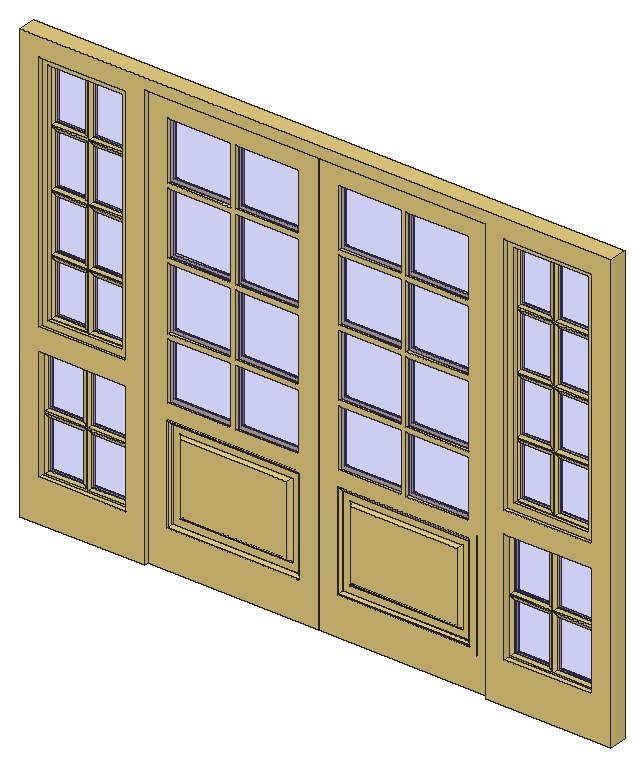
Revit family "DTI_A3-2100X2837-Cottage-L8RP", category Doors, host Wall, Revit 2016
Family settings
  Host = Wall
  Always vertical = Yes
  Cut with Voids When Loaded = No
  Shared = No
  Room Calculation Point = No
Parameters (values of type "2100 x 2837 Cottage Pane - L8RP")
  URL = "http://www.kparkerjoinery.co.za/"
  Side Width = 90 mm
  Panel Width = Width - 1200 mm  # 1637 mm
  Panel Height = Height - Frame Width  # 2045 mm
  Model = "Side Light Doors"
  Manufacturer Code = "Cottage Pane - L8RP"
  Manufacturer = "K. Parker Joinery"
  Height = 2100 mm
  Wall Closure = By host
  Width = 2837 mm
  Half = Panel Width / 2  # 818.5 mm
  Glass Material = Glass
  Function = Interior
  Frame Width = 55 mm
  Frame Thickness = 85 mm
  Frame Material = Kiln Dried Wood
  Assembly Code = "B2030130"
Reference planes
  plane 1 "Center": y = 0
  plane 2 "Center (Left/Right)": x = 0
  plane 3 "Left": x = -1418.5
  plane 4 "Right": x = 1418.5
  plane 5: z = 2100
  plane 6 "Exterior": y = 75
  plane 7 "Interior": y = -75
  plane 8: x = 818.5
  plane 9: x = -818.5
  plane 10: z = 742
  plane 11: z = 471
  plane 12: z = 200
  plane 13: z = 1989
  plane 14: x = 1307.5
  plane 15: x = 1118.5
  plane 16: z = 868
  plane 17: z = 1708.75
  plane 18: x = 929.5
  plane 19: z = 1428.5
  plane 20: z = 1148.25
  plane 21: x = -1307.5
  plane 22: x = -1118.5
  plane 23: x = -929.5
Forms (mm)
  Sweep 1, solid, material "Kiln Dried Wood" <- "Frame Material"
    path origin (0, 0, 0) x (1, 0, 0) y (0, 0, 1)
      loop
        line (818.5, 2100) -> (-818.5, 2100)
    profile origin (0, 0, 2100) x (0, 0, -1) y (0, -1, 0)
      loop
        line (0, -42.5) -> (55, -42.5) -> (55, 42.5) -> (0, 42.5) -> (0, -42.5)
  Sweep 2, solid, material "Kiln Dried Wood" <- "Frame Material"
    path origin (0, 0, 0) x (1, 0, 0) y (0, 0, 1)
      loop
        line (818.5, 0) -> (818.5, 2100) -> (1418.5, 2100) -> (1418.5, 0)
    profile origin (818.5, 0, 1050) x (-1, 0, 0) y (0, -1, 0)
      loop
        line (0, -42.5) -> (0, 42.5) -> (-90, 42.5) -> (-90, -42.5) -> (0, -42.5)
  Sweep 3, solid, material "Kiln Dried Wood" <- "Frame Material"
    path origin (0, 0, 0) x (1, 0, 0) y (0, 0, 1)
      loop
        line (-1418.5, 0) -> (-1418.5, 2100) -> (-818.5, 2100) -> (-818.5, 0)
    profile origin (-818.5, 0, 1050) x (0, -1, 0) y (1, 0, 0)
      loop
        line (-42.5, -90) -> (42.5, -90) -> (42.5, 0) -> (-42.5, 0) -> (-42.5, -90)
  Sweep 4, solid, material "Kiln Dried Wood" <- "Frame Material"
    path origin (0, 0, 0) x (1, 0, 0) y (0, 0, 1)
      loop
        line (1418.5, 0) -> (818.5, 0)
    profile origin (1118.5, 0, 0) x (0, 0, -1) y (0, -1, 0)
      loop
        line (-200, -42.5) -> (0, -42.5) -> (0, 42.5) -> (-200, 42.5) -> (-200, -42.5)
  Sweep 5, solid, material "Kiln Dried Wood" <- "Frame Material"
    path origin (0, 0, 0) x (-1, 0, 0) y (0, 0, 1)
      loop
        line (1418.5, 0) -> (818.5, 0)
    profile origin (-1118.5, 0, 0) x (0, 0, -1) y (0, 1, 0)
      loop
        line (-200, 42.5) -> (-200, -42.5) -> (0, -42.5) -> (0, 42.5) -> (-200, 42.5)
  Sweep 6, solid, material "Kiln Dried Wood" <- "Frame Material"
    path origin (0, 0, 0) x (1, 0, 0) y (0, 0, 1)
      loop
        line (1418.5, 742) -> (818.5, 742)
    profile origin (1118.5, 0, 742) x (0, 0, -1) y (0, -1, 0)
      loop
        line (-105, -42.5) -> (0, -42.5) -> (0, 42.5) -> (-105, 42.5) -> (-105, -42.5)
  Sweep 7, solid, material "Kiln Dried Wood" <- "Frame Material"
    path origin (0, 0, 0) x (-1, 0, 0) y (0, 0, 1)
      loop
        line (1418.5, 742) -> (818.5, 742)
    profile origin (-1118.5, 0, 742) x (0, 0, -1) y (0, 1, 0)
      loop
        line (-105, 42.5) -> (-105, -42.5) -> (0, -42.5) -> (0, 42.5) -> (-105, 42.5)
  Sweep 8, solid, material "Kiln Dried Wood" <- "Frame Material"
    path origin (0, 0, 0) x (1, 0, 0) y (0, 0, 1)
      loop
        line (1328.5, 742) -> (908.5, 742) -> (908.5, 200) -> (1328.5, 200) -> (1328.5, 742)
    profile "Side Light 1 : Side Light 1" origin (1118.5, 0, 742) x (0, 0, -1) y (0, -1, 0)
      loop
        line (0, -15) -> (5, -15) -> (21.783, -9.035) -> (21.783, -4.035) -> (11.783, -4.035) -> (11.783, 4.035) -> (21.783, 4.035) -> (21.783, 9.035) -> (5, 15) -> (0, 15) -> (0, -15)
  Extrusion 9, solid, material "Glass" <- "Glass Material"
    sketch origin (0, 0, 0) x (1, 0, 0) y (0, 1, 0)
      loop
        line (920.283, 4.035) -> (920.283, -4.035) -> (1316.717, -4.035) -> (1316.717, 4.035) -> (920.283, 4.035)
    from 211.783 to 730.217
  Sweep 10, solid, material "Kiln Dried Wood" <- "Frame Material"
    path origin (0, 0, 0) x (1, 0, 0) y (0, 0, 1)
      loop
        line (-908.5, 742) -> (-1328.5, 742) -> (-1328.5, 200) -> (-908.5, 200) -> (-908.5, 742)
    profile "Side Light 1 : Side Light 1" origin (-1118.5, 0, 742) x (0, 0, -1) y (0, -1, 0)
      loop
        line (0, -15) -> (5, -15) -> (21.783, -9.035) -> (21.783, -4.035) -> (11.783, -4.035) -> (11.783, 4.035) -> (21.783, 4.035) -> (21.783, 9.035) -> (5, 15) -> (0, 15) -> (0, -15)
  Extrusion 11, solid, material "Glass" <- "Glass Material"
    sketch origin (0, 0, 0) x (1, 0, 0) y (0, 1, 0)
      loop
        line (-1316.717, 4.035) -> (-1316.717, -4.035) -> (-920.283, -4.035) -> (-920.283, 4.035) -> (-1316.717, 4.035)
    from 211.783 to 730.217
  Sweep 12, solid, material "Kiln Dried Wood" <- "Frame Material"
    path origin (0, 0, 0) x (1, 0, 0) y (0, 0, 1)
      loop
        line (1328.5, 2010) -> (908.5, 2010) -> (908.5, 847) -> (1328.5, 847) -> (1328.5, 2010)
    profile "Side Light 2 : Side Light 2" origin (1118.5, 0, 2010) x (0, 0, -1) y (0, -1, 0)
      loop
        line (21, 4.953) -> (21, -25.047) -> (29.217, -25.047) -> (46, -19.082) -> (46, -14.082) -> (36, -14.082) -> (36, -6.013) -> (46, -6.013) -> (46, -1.013) -> (29.217, 4.953) -> (21, 4.953)
      loop
        line (0, -25) -> (20, -25) -> (20, 5.953) -> (30, 5.953) -> (30, 25) -> (0, 25) -> (0, -25)
  Sweep 13, solid, material "Kiln Dried Wood" <- "Frame Material"
    path origin (0, 0, 0) x (1, 0, 0) y (0, 0, 1)
      loop
        line (-908.5, 2010) -> (-1328.5, 2010) -> (-1328.5, 847) -> (-908.5, 847) -> (-908.5, 2010)
    profile "Side Light 2 : Side Light 2" origin (-1118.5, 0, 2010) x (0, 0, -1) y (0, -1, 0)
      loop
        line (21, 4.953) -> (21, -25.047) -> (29.217, -25.047) -> (46, -19.082) -> (46, -14.082) -> (36, -14.082) -> (36, -6.013) -> (46, -6.013) -> (46, -1.013) -> (29.217, 4.953) -> (21, 4.953)
      loop
        line (0, -25) -> (20, -25) -> (20, 5.953) -> (30, 5.953) -> (30, 25) -> (0, 25) -> (0, -25)
  Extrusion 14, solid, material "Glass" <- "Glass Material"
    sketch origin (0, 0, 0) x (1, 0, 0) y (0, 1, 0)
      loop
        line (-1292.5, 14.082) -> (-1292.5, 6.013) -> (-944.5, 6.013) -> (-944.5, 14.082) -> (-1292.5, 14.082)
      loop
        line (944.5, 14.082) -> (944.5, 6.013) -> (1292.5, 6.013) -> (1292.5, 14.082) -> (944.5, 14.082)
    from 883 to 1974
  Sweep 15, solid, material "Kiln Dried Wood" <- "Frame Material"
    path origin (0, 0, 0) x (1, 0, 0) y (0, 0, 1)
      loop
        line (1328.5, 471) -> (908.5, 471)
    profile "Side Light S 1 : Side Light S 1" origin (1118.5, 0, 471) x (0, 0, -1) y (0, -1, 0)
      loop
        line (-19.283, -9.035) -> (-2.5, -15) -> (2.5, -15) -> (19.283, -9.035) -> (19.283, -4.035) -> (9.283, -4.035) -> (9.283, 4.035) -> (19.283, 4.035) -> (19.283, 9.035) -> (2.5, 15) -> (-2.5, 15) -> (-19.283, 9.035) -> (-19.283, 4.035) -> (-9.283, 4.035) -> (-9.283, -4.035) -> (-19.283, -4.035) -> (-19.283, -9.035)
  Sweep 16, solid, material "Kiln Dried Wood" <- "Frame Material"
    path origin (444, 0, 1386) x (0, 0, -1) y (1, 0, 0)
      loop
        line (1186, 674.5) -> (644, 674.5)
    profile "Side Light S 1 : Side Light S 1" origin (1118.5, 0, 471) x (-1, 0, 0) y (0, -1, 0)
      loop
        line (-19.283, -9.035) -> (-2.5, -15) -> (2.5, -15) -> (19.283, -9.035) -> (19.283, -4.035) -> (9.283, -4.035) -> (9.283, 4.035) -> (19.283, 4.035) -> (19.283, 9.035) -> (2.5, 15) -> (-2.5, 15) -> (-19.283, 9.035) -> (-19.283, 4.035) -> (-9.283, 4.035) -> (-9.283, -4.035) -> (-19.283, -4.035) -> (-19.283, -9.035)
  Sweep 17, solid, material "Kiln Dried Wood" <- "Frame Material"
    path origin (0, 0, 0) x (-1, 0, 0) y (0, 0, 1)
      loop
        line (1328.5, 471) -> (908.5, 471)
    profile "Side Light S 1 : Side Light S 1" origin (-1118.5, 0, 471) x (0, 0, -1) y (0, 1, 0)
      loop
        line (19.283, -9.035) -> (19.283, -4.035) -> (9.283, -4.035) -> (9.283, 4.035) -> (19.283, 4.035) -> (19.283, 9.035) -> (2.5, 15) -> (-2.5, 15) -> (-19.283, 9.035) -> (-19.283, 4.035) -> (-9.283, 4.035) -> (-9.283, -4.035) -> (-19.283, -4.035) -> (-19.283, -9.035) -> (-2.5, -15) -> (2.5, -15) -> (19.283, -9.035)
  Sweep 18, solid, material "Kiln Dried Wood" <- "Frame Material"
    path origin (-444, 0, 1386) x (0, 0, -1) y (-1, 0, 0)
      loop
        line (1186, 674.5) -> (644, 674.5)
    profile "Side Light S 1 : Side Light S 1" origin (-1118.5, 0, 471) x (1, 0, 0) y (0, 1, 0)
      loop
        line (19.283, -9.035) -> (19.283, -4.035) -> (9.283, -4.035) -> (9.283, 4.035) -> (19.283, 4.035) -> (19.283, 9.035) -> (2.5, 15) -> (-2.5, 15) -> (-19.283, 9.035) -> (-19.283, 4.035) -> (-9.283, 4.035) -> (-9.283, -4.035) -> (-19.283, -4.035) -> (-19.283, -9.035) -> (-2.5, -15) -> (2.5, -15) -> (19.283, -9.035)
  Sweep 19, solid, material "Kiln Dried Wood" <- "Frame Material"
    path origin (0, 0, 0) x (1, 0, 0) y (0, 0, 1)
      loop
        line (-929.5, 1148.25) -> (-1307.5, 1148.25)
    profile "Side Light S 2 : Side Light S 2" origin (-1118.5, 0, 1148.25) x (0, 0, -1) y (0, -1, 0)
      loop
        line (2.5, -25.043) -> (19.283, -19.078) -> (19.283, -14.078) -> (9.283, -14.078) -> (9.283, -6.008) -> (19.283, -6.008) -> (19.283, -1.008) -> (2.5, 4.957) -> (-2.5, 4.957) -> (-19.283, -1.008) -> (-19.283, -6.008) -> (-9.283, -6.008) -> (-9.283, -14.078) -> (-19.283, -14.078) -> (-19.283, -19.078) -> (-2.5, -25.043) -> (2.5, -25.043)
  Sweep 20, solid, material "Kiln Dried Wood" <- "Frame Material"
    path origin (-2063.25, 0, 233.25) x (0, 0, -1) y (1, 0, 0)
      loop
        line (-634.75, 944.75) -> (-1755.75, 944.75)
    profile "Side Light S 2 : Side Light S 2" origin (-1118.5, 0, 1428.5) x (-1, 0, 0) y (0, -1, 0)
      loop
        line (2.5, -25.043) -> (19.283, -19.078) -> (19.283, -14.078) -> (9.283, -14.078) -> (9.283, -6.008) -> (19.283, -6.008) -> (19.283, -1.008) -> (2.5, 4.957) -> (-2.5, 4.957) -> (-19.283, -1.008) -> (-19.283, -6.008) -> (-9.283, -6.008) -> (-9.283, -14.078) -> (-19.283, -14.078) -> (-19.283, -19.078) -> (-2.5, -25.043) -> (2.5, -25.043)
  Sweep 21, solid, material "Kiln Dried Wood" <- "Frame Material"
    path origin (0, 0, 280.25) x (1, 0, 0) y (0, 0, 1)
      loop
        line (-929.5, 1148.25) -> (-1307.5, 1148.25)
    profile "Side Light S 2 : Side Light S 2" origin (-1118.5, 0, 1428.5) x (0, 0, -1) y (0, -1, 0)
      loop
        line (2.5, -25.043) -> (19.283, -19.078) -> (19.283, -14.078) -> (9.283, -14.078) -> (9.283, -6.008) -> (19.283, -6.008) -> (19.283, -1.008) -> (2.5, 4.957) -> (-2.5, 4.957) -> (-19.283, -1.008) -> (-19.283, -6.008) -> (-9.283, -6.008) -> (-9.283, -14.078) -> (-19.283, -14.078) -> (-19.283, -19.078) -> (-2.5, -25.043) -> (2.5, -25.043)
  Sweep 22, solid, material "Kiln Dried Wood" <- "Frame Material"
    path origin (0, 0, 560.5) x (1, 0, 0) y (0, 0, 1)
      loop
        line (-929.5, 1148.25) -> (-1307.5, 1148.25)
    profile "Side Light S 2 : Side Light S 2" origin (-1118.5, 0, 1708.75) x (0, 0, -1) y (0, -1, 0)
      loop
        line (2.5, -25.043) -> (19.283, -19.078) -> (19.283, -14.078) -> (9.283, -14.078) -> (9.283, -6.008) -> (19.283, -6.008) -> (19.283, -1.008) -> (2.5, 4.957) -> (-2.5, 4.957) -> (-19.283, -1.008) -> (-19.283, -6.008) -> (-9.283, -6.008) -> (-9.283, -14.078) -> (-19.283, -14.078) -> (-19.283, -19.078) -> (-2.5, -25.043) -> (2.5, -25.043)
  Sweep 23, solid, material "Kiln Dried Wood" <- "Frame Material"
    path origin (1860, 0, 0) x (1, 0, 0) y (0, 0, 1)
      loop
        line (-552.5, 1148.25) -> (-930.5, 1148.25)
    profile "Side Light S 2 : Side Light S 2" origin (1118.5, 0, 1148.25) x (0, 0, -1) y (0, -1, 0)
      loop
        line (2.5, -25.043) -> (19.283, -19.078) -> (19.283, -14.078) -> (9.283, -14.078) -> (9.283, -6.008) -> (19.283, -6.008) -> (19.283, -1.008) -> (2.5, 4.957) -> (-2.5, 4.957) -> (-19.283, -1.008) -> (-19.283, -6.008) -> (-9.283, -6.008) -> (-9.283, -14.078) -> (-19.283, -14.078) -> (-19.283, -19.078) -> (-2.5, -25.043) -> (2.5, -25.043)
  Sweep 24, solid, material "Kiln Dried Wood" <- "Frame Material"
    path origin (-203.25, 0, 233.25) x (0, 0, -1) y (1, 0, 0)
      loop
        line (-634.75, 1321.75) -> (-1755.75, 1321.75)
    profile "Side Light S 2 : Side Light S 2" origin (1118.5, 0, 1428.5) x (-1, 0, 0) y (0, -1, 0)
      loop
        line (2.5, -25.043) -> (19.283, -19.078) -> (19.283, -14.078) -> (9.283, -14.078) -> (9.283, -6.008) -> (19.283, -6.008) -> (19.283, -1.008) -> (2.5, 4.957) -> (-2.5, 4.957) -> (-19.283, -1.008) -> (-19.283, -6.008) -> (-9.283, -6.008) -> (-9.283, -14.078) -> (-19.283, -14.078) -> (-19.283, -19.078) -> (-2.5, -25.043) -> (2.5, -25.043)
  Sweep 25, solid, material "Kiln Dried Wood" <- "Frame Material"
    path origin (1860, 0, 280.25) x (1, 0, 0) y (0, 0, 1)
      loop
        line (-552.5, 1148.25) -> (-930.5, 1148.25)
    profile "Side Light S 2 : Side Light S 2" origin (1118.5, 0, 1428.5) x (0, 0, -1) y (0, -1, 0)
      loop
        line (2.5, -25.043) -> (19.283, -19.078) -> (19.283, -14.078) -> (9.283, -14.078) -> (9.283, -6.008) -> (19.283, -6.008) -> (19.283, -1.008) -> (2.5, 4.957) -> (-2.5, 4.957) -> (-19.283, -1.008) -> (-19.283, -6.008) -> (-9.283, -6.008) -> (-9.283, -14.078) -> (-19.283, -14.078) -> (-19.283, -19.078) -> (-2.5, -25.043) -> (2.5, -25.043)
  Sweep 26, solid, material "Kiln Dried Wood" <- "Frame Material"
    path origin (1860, 0, 560.5) x (1, 0, 0) y (0, 0, 1)
      loop
        line (-552.5, 1148.25) -> (-930.5, 1148.25)
    profile "Side Light S 2 : Side Light S 2" origin (1118.5, 0, 1708.75) x (0, 0, -1) y (0, -1, 0)
      loop
        line (2.5, -25.043) -> (19.283, -19.078) -> (19.283, -14.078) -> (9.283, -14.078) -> (9.283, -6.008) -> (19.283, -6.008) -> (19.283, -1.008) -> (2.5, 4.957) -> (-2.5, 4.957) -> (-19.283, -1.008) -> (-19.283, -6.008) -> (-9.283, -6.008) -> (-9.283, -14.078) -> (-19.283, -14.078) -> (-19.283, -19.078) -> (-2.5, -25.043) -> (2.5, -25.043)
Cuts and joins
  joined: Sweep 1, Sweep 2, Sweep 3, Sweep 4, Sweep 5, Sweep 6, Sweep 7
  joined: Sweep 8, Sweep 15, Sweep 16
  joined: Sweep 10, Sweep 17, Sweep 18
  joined: Sweep 12, Sweep 23, Sweep 24, Sweep 25, Sweep 26
  joined: Sweep 13, Sweep 19, Sweep 20, Sweep 21, Sweep 22
Lines and regions (mm)
  Opening 1
    outline origin (-3050, -75, 0) x (1, 0, 0) y (0, 0, 1)
      loop
        line (1631.5, 0) -> (4468.5, 0) -> (4468.5, 2100) -> (1631.5, 2100) -> (1631.5, 0)
  symbolic lines, style "Elevation Swing"
    curve 1: line (1328.5, 0, 2010) -> (908.5, 0, 1428.5)
    curve 2: line (1328.5, 0, 847) -> (908.5, 0, 1428.5)
    curve 3: line (-1328.5, 0, 2010) -> (-908.5, 0, 1428.5)
    curve 4: line (-1328.5, 0, 847) -> (-908.5, 0, 1428.5)
    curve 5: line (818.5, 0, 2045) -> (0, 0, 1022.5)
    curve 6: line (0, 0, 1022.5) -> (818.5, 0, 0)
    curve 7: line (-818.5, 0, 2045) -> (0, 0, 1022.5)
    curve 8: line (-818.5, 0, 0) -> (0, 0, 1022.5)
  symbolic lines, style "Plan Swing"
    curve 9: line (-818.5, 22, 0) -> (-774.5, 22, 0)
    curve 10: line (-818.5, 840.5, 0) -> (-818.5, 22, 0)
    curve 11: line (-774.5, 840.5, 0) -> (-818.5, 840.5, 0)
    curve 12: line (-774.5, 22, 0) -> (-774.5, 840.5, 0)
    curve 13: line (818.5, 22, 0) -> (774.5, 22, 0)
    curve 14: line (818.5, 840.5, 0) -> (818.5, 22, 0)
    curve 15: line (774.5, 840.5, 0) -> (818.5, 840.5, 0)
    curve 16: line (774.5, 22, 0) -> (774.5, 840.5, 0)
    curve 17: arc (-818.5, 840.5, 0) -> (-239.733, 600.767, 0) -> (0, 22, 0) r 818.5
    curve 18: arc (818.5, 840.5, 0) -> (239.733, 600.767, 0) -> (0, 22, 0) r 818.5
Text (mm)
  text "Exterior" at (-2295.016, 1099.543, 0), in view "Ref. Level"
  text "Exterior" at (0, 1615.38, 3698.081), in view "Left"
  text "Exterior" at (0, 1036.032, 3874.932), in view "Right"
Dimensions and locks
  equal spacing: plane 3 "Left", plane 2 "Center (Left/Right)", plane 4 "Right"
  "Width": plane 3 "Left" to plane 4 "Right"
  "Height": plane 5 to host wall
  locked: plane 6 "Exterior" to host wall at 0
  locked: plane 7 "Interior" to host wall
  locked: plane 8 to plane 4 "Right" at 600
  locked: plane 9 to plane 3 "Left" at 600
  "Frame Width": Sweep 1 sketch curve to Sweep 1 sketch curve
  equal spacing: Sweep 1 sketch curve, profile plane, Sweep 1 sketch curve
  "Frame Thickness": Sweep 1 sketch curve to Sweep 1 sketch curve
  "Side Width": Sweep 2 sketch curve to Sweep 2 sketch curve
  equal spacing: Sweep 2 sketch curve, profile plane, Sweep 2 sketch curve
  "Frame Thickness": Sweep 2 sketch curve to Sweep 2 sketch curve
  equal spacing: Sweep 3 sketch curve, profile plane, Sweep 3 sketch curve
  "Frame Thickness": Sweep 3 sketch curve to Sweep 3 sketch curve
  "Side Width": Sweep 3 sketch curve to Sweep 3 sketch curve
  locked: Sweep 4 sketch curve to Sweep 4 sketch curve at 200
  locked: Sweep 5 sketch curve to Sweep 5 sketch curve at 200
  locked: level to plane 10 at 742
  locked: Sweep 6 sketch curve to Sweep 6 sketch curve at 105
  locked: Sweep 7 sketch curve to Sweep 7 sketch curve at 105
  equal spacing: plane 12, plane 11, plane 10
  locked: plane 10 to plane 16 at 126
  locked: plane 13 to plane 5 at 111
  locked: plane 4 "Right" to plane 14 at 111
  equal spacing: plane 8, plane 15, plane 4 "Right"
  locked: plane 8 to plane 18 at 111
  locked: plane 3 "Left" to plane 21 at 111
  equal spacing: plane 9, plane 22, plane 3 "Left"
  locked: plane 9 to plane 23 at 111
  equal spacing: plane 16, plane 20, plane 19, plane 17, plane 13
  "Half": curve 11 to curve 9
  aligned and locked: plane 3 "Left" to Opening 1 sketch curve
  aligned and locked: plane 5 to Opening 1 sketch curve  (x2)
  aligned and locked: Opening 1 sketch curve to plane 4 "Right"
  aligned and locked: Opening 1 sketch curve to level
  aligned and locked: plane 1 "Center" to host wall
  aligned and locked: plane 5 to Sweep 1 sketch curve
  aligned and locked: Sweep 1 sketch curve to profile plane
  aligned and locked: level to Sweep 2 sketch curve  (x2)
  aligned and locked: Sweep 2 sketch curve to plane 8
  aligned and locked: profile plane to Sweep 2 sketch curve
  aligned and locked: level to Sweep 3 sketch curve  (x2)
  aligned and locked: Sweep 3 sketch curve to plane 9
  aligned and locked: profile plane to Sweep 3 sketch curve
  aligned and locked: plane 8 to Sweep 1 sketch curve
  aligned and locked: plane 9 to Sweep 1 sketch curve
  aligned and locked: plane 5 to Sweep 2 sketch curve
  aligned and locked: Sweep 2 sketch curve to plane 4 "Right"
  aligned and locked: plane 5 to Sweep 3 sketch curve
  aligned and locked: Sweep 3 sketch curve to plane 3 "Left"
  aligned and locked: plane 4 "Right" to Sweep 4 sketch curve
  aligned and locked: plane 8 to Sweep 4 sketch curve
  aligned and locked: Sweep 4 sketch curve to level
  aligned and locked: profile plane to Sweep 4 sketch curve
  aligned and locked: Sweep 4 sketch curve to cut or joined group of Sweep 1, Sweep 2, Sweep 3, Sweep 4, Sweep 5, Sweep 6, Sweep 7  (x2)
  aligned and locked: profile plane to Sweep 5 sketch curve
  aligned and locked: plane 9 to Sweep 5 sketch curve
  aligned and locked: plane 3 "Left" to Sweep 5 sketch curve
  aligned and locked: level to Sweep 5 sketch curve
  aligned and locked: Sweep 5 sketch curve to cut or joined group of Sweep 1, Sweep 2, Sweep 3, Sweep 4, Sweep 5, Sweep 6, Sweep 7  (x2)
  aligned and locked: plane 4 "Right" to Sweep 6 sketch curve
  aligned and locked: plane 8 to Sweep 6 sketch curve
  aligned and locked: Sweep 6 sketch curve to plane 10
  aligned and locked: profile plane to Sweep 6 sketch curve
  aligned and locked: Sweep 6 sketch curve to cut or joined group of Sweep 1, Sweep 2, Sweep 3, Sweep 4, Sweep 5, Sweep 6, Sweep 7  (x2)
  aligned and locked: profile plane to Sweep 7 sketch curve
  aligned and locked: plane 9 to Sweep 7 sketch curve
  aligned and locked: plane 3 "Left" to Sweep 7 sketch curve
  aligned and locked: plane 10 to Sweep 7 sketch curve
  aligned and locked: Sweep 7 sketch curve to cut or joined group of Sweep 1, Sweep 2, Sweep 3, Sweep 4, Sweep 5, Sweep 6, Sweep 7  (x2)
  aligned and locked: cut or joined group of Sweep 1, Sweep 2, Sweep 3, Sweep 4, Sweep 5, Sweep 6, Sweep 7 to Sweep 8 sketch curve  (x2)
  aligned and locked: Sweep 8 sketch curve to cut or joined group of Sweep 1, Sweep 2, Sweep 3, Sweep 4, Sweep 5, Sweep 6, Sweep 7  (x2)
  aligned and locked: Sweep 8 to Extrusion 9 sketch curve
  aligned and locked: Extrusion 9 sketch curve to Sweep 8  (x3)
  aligned and locked: Extrusion 9 to Sweep 8  (x2)
  aligned and locked: cut or joined group of Sweep 1, Sweep 2, Sweep 3, Sweep 4, Sweep 5, Sweep 6, Sweep 7 to Sweep 10 sketch curve  (x3)
  aligned and locked: Sweep 10 sketch curve to cut or joined group of Sweep 1, Sweep 2, Sweep 3, Sweep 4, Sweep 5, Sweep 6, Sweep 7
  aligned and locked: Sweep 10 to Extrusion 11 sketch curve
  aligned and locked: Extrusion 11 sketch curve to Sweep 10  (x3)
  aligned and locked: Extrusion 11 to Sweep 8  (x2)
  aligned and locked: cut or joined group of Sweep 1, Sweep 2, Sweep 3, Sweep 4, Sweep 5, Sweep 6, Sweep 7 to Sweep 12 sketch curve  (x3)
  aligned and locked: Sweep 12 sketch curve to cut or joined group of Sweep 1, Sweep 2, Sweep 3, Sweep 4, Sweep 5, Sweep 6, Sweep 7
  aligned and locked: cut or joined group of Sweep 1, Sweep 2, Sweep 3, Sweep 4, Sweep 5, Sweep 6, Sweep 7 to Sweep 13 sketch curve  (x2)
  aligned and locked: Sweep 13 sketch curve to cut or joined group of Sweep 1, Sweep 2, Sweep 3, Sweep 4, Sweep 5, Sweep 6, Sweep 7  (x2)
  aligned and locked: Sweep 13 to Extrusion 14 sketch curve
  aligned and locked: Extrusion 14 sketch curve to Sweep 13  (x3)
  aligned and locked: Sweep 12 to Extrusion 14 sketch curve
  aligned and locked: Extrusion 14 sketch curve to Sweep 12  (x3)
  aligned and locked: Extrusion 14 to Sweep 12  (x2)
  aligned and locked: curve 1 to cut or joined group of Sweep 1, Sweep 2, Sweep 3, Sweep 4, Sweep 5, Sweep 6, Sweep 7
  aligned and locked: cut or joined group of Sweep 1, Sweep 2, Sweep 3, Sweep 4, Sweep 5, Sweep 6, Sweep 7 to curve 1
  aligned and locked: curve 2 to cut or joined group of Sweep 1, Sweep 2, Sweep 3, Sweep 4, Sweep 5, Sweep 6, Sweep 7
  aligned and locked: cut or joined group of Sweep 1, Sweep 2, Sweep 3, Sweep 4, Sweep 5, Sweep 6, Sweep 7 to curve 3
  aligned and locked: curve 3 to cut or joined group of Sweep 1, Sweep 2, Sweep 3, Sweep 4, Sweep 5, Sweep 6, Sweep 7
  aligned and locked: curve 4 to cut or joined group of Sweep 1, Sweep 2, Sweep 3, Sweep 4, Sweep 5, Sweep 6, Sweep 7
  aligned and locked: cut or joined group of Sweep 1, Sweep 2, Sweep 3, Sweep 4, Sweep 5, Sweep 6, Sweep 7 to Sweep 15 sketch curve  (x2)
  aligned and locked: Sweep 15 sketch curve to plane 11
  aligned and locked: Sweep 8 to Sweep 16 sketch curve  (x2)
  aligned and locked: cut or joined group of Sweep 1, Sweep 2, Sweep 3, Sweep 4, Sweep 5, Sweep 6, Sweep 7 to Sweep 17 sketch curve  (x2)
  aligned and locked: plane 11 to Sweep 17 sketch curve
  aligned and locked: Sweep 10 to Sweep 18 sketch curve  (x2)
  aligned and locked: Sweep 18 sketch curve to plane 22
  aligned and locked: plane 23 to Sweep 19 sketch curve
  aligned and locked: Sweep 19 sketch curve to plane 21
  aligned and locked: Sweep 19 sketch curve to plane 20
  aligned and locked: plane 23 to Sweep 21 sketch curve
  aligned and locked: Sweep 21 sketch curve to plane 21
  aligned and locked: Sweep 21 sketch curve to plane 19
  aligned and locked: plane 23 to Sweep 22 sketch curve
  aligned and locked: Sweep 22 sketch curve to plane 21
  aligned and locked: Sweep 22 sketch curve to plane 17
  aligned and locked: plane 13 to Sweep 20 sketch curve
  aligned and locked: plane 16 to Sweep 20 sketch curve
  aligned and locked: Sweep 20 sketch curve to plane 22
  aligned and locked: Sweep 23 sketch curve to plane 18
  aligned and locked: plane 14 to Sweep 23 sketch curve
  aligned and locked: Sweep 23 sketch curve to plane 20
  aligned and locked: plane 13 to Sweep 24 sketch curve
  aligned and locked: plane 16 to Sweep 24 sketch curve
  aligned and locked: plane 15 to Sweep 24 sketch curve
  aligned and locked: plane 14 to Sweep 25 sketch curve
  aligned and locked: Sweep 25 sketch curve to plane 18
  aligned and locked: Sweep 25 sketch curve to plane 19
  aligned and locked: Sweep 26 sketch curve to plane 18
  aligned and locked: plane 14 to Sweep 26 sketch curve
  aligned and locked: Sweep 26 sketch curve to plane 17
  aligned and locked: nested 1 to plane 2 "Center (Left/Right)"
  aligned and locked: nested 1 to plane 1 "Center"
  aligned and locked: curve 11 to curve 15
Automatic sketch dimensions
  Sweep 16 sketch curve to plane 15 = 0 mm
  curve 7 to plane 9 = 0 mm
  curve 8 to level = 0 mm
  curve 8 to plane 9 = 0 mm
  curve 8 to plane 2 "Center (Left/Right)" = 0 mm
  curve 5 to plane 8 = 0 mm
  curve 6 to level = 0 mm
  curve 6 to plane 8 = 0 mm
  curve 3 to plane 19 = 0 mm
  curve 1 to plane 19 = 0 mm
  plane 16 to curve 2 = 21 mm
  plane 16 to curve 4 = 21 mm
  curve 5 to plane 20 = 125.75 mm
  curve 3 to plane 13 = 21 mm
  curve 1 to plane 13 = 21 mm
  plane 5 to curve 5 = 55 mm
  plane 5 to curve 7 = 55 mm
  curve 17 to plane 2 "Center (Left/Right)" = 0 mm
  curve 18 to plane 2 "Center (Left/Right)" = 0 mm
  curve 18 to plane 8 = 0 mm
  curve 12 to plane 9 = 44 mm
  curve 15 to plane 8 = 44 mm
  curve 9 to host wall = 22 mm
  curve 16 to host wall = 22 mm
Nested families
  nested 1: "L8RP - Double" at (0, 0, 0) x (-1, 0, 0) z (0, 0, 1), type "L8RP - Double", detail levels medium+fine
    with Width 1637 mm, Height 2045 mm
Definition of nested family "L8RP - Double"
  Parameters
    Width = 1206 mm
    Height = 2032 mm
    Glass Material = none
    Frame Material = none
  Reference planes
    plane 1 "Center (Front/Back)": y = 0
    plane 2: z = 0
    plane 3 "Center (Left/Right)": x = 0
    plane 4: x = -603
    plane 5: x = 603
    plane 6: z = 2032
    plane 7: z = 1972
    plane 8: z = 155
    plane 9: z = 1354.667
    plane 10: z = 677.333
    plane 11: z = 682.583
    plane 12: z = 672.083
    plane 13: x = -543
    plane 14: x = -60
    plane 15: x = 60
    plane 16: x = 543
    plane 17: x = -301.5
    plane 18: z = 1004.938
    plane 19: x = 301.5
    plane 20: z = 1327.292
    plane 21: z = 1649.646
  Forms (mm)
    Sweep 1, solid, material <- "Frame Material"
      path origin (0, 0, 0) x (1, 0, 0) y (0, 0, 1)
        loop
          line (-603, 0) -> (0, 0)
      profile "Solid B : Solid B" origin (-301.5, 0, 0) x (0, 0, 1) y (0, -1, 0)
        loop
          line (0, -22) -> (185, -22) -> (185, -20) -> (200, -11) -> (200, -6) -> (155, -6) -> (155, 6) -> (200, 6) -> (200, 11) -> (185, 20) -> (185, 22) -> (0, 22) -> (0, -22)
    Sweep 2, solid, material <- "Frame Material"
      path origin (0, 0, 0) x (1, 0, 0) y (0, 0, 1)
        loop
          line (-603, 677.333) -> (-603, 2032) -> (0, 2032) -> (0, 677.333)
      profile "Glass T : Glass T" origin (-301.5, 0, 2032) x (0, 0, 1) y (0, -1, 0)
        loop
          line (0, -22) -> (0, 22) -> (-95, 22) -> (-95, 20)
          arc (-95, 20) -> (-100.657, 17.657) -> (-103, 12) r 8
          line (-103, 12) -> (-105, 12) -> (-105, 2) -> (-60, 2) -> (-60, -10) -> (-96, -10) -> (-96, -22) -> (0, -22)
    Extrusion 3, solid, material <- "Glass Material"
      sketch origin (0, 0, 0) x (1, 0, 0) y (0, 1, 0)
        loop
          line (-543, 10) -> (-543, -2) -> (-60, -2) -> (-60, 10) -> (-543, 10)
      from 682.583 to 1972
    Sweep 4, solid, material <- "Frame Material"
      path origin (0, 0, 0) x (1, 0, 0) y (0, 0, 1)
        loop
          line (0, 677.333) -> (0, 2032) -> (603, 2032) -> (603, 677.333)
      profile "Glass T : Glass T" origin (301.5, 0, 2032) x (0, 0, 1) y (0, -1, 0)
        loop
          line (0, -22) -> (0, 22) -> (-95, 22) -> (-95, 20)
          arc (-95, 20) -> (-100.657, 17.657) -> (-103, 12) r 8
          line (-103, 12) -> (-105, 12) -> (-105, 2) -> (-60, 2) -> (-60, -10) -> (-96, -10) -> (-96, -22) -> (0, -22)
    Sweep 5, solid, material <- "Frame Material"
      path origin (0, 0, 0) x (1, 0, 0) y (0, 0, 1)
        loop
          line (0, 0) -> (603, 0)
      profile "Solid B : Solid B" origin (301.5, 0, 0) x (0, 0, 1) y (0, -1, 0)
        loop
          line (0, -22) -> (185, -22) -> (185, -20) -> (200, -11) -> (200, -6) -> (155, -6) -> (155, 6) -> (200, 6) -> (200, 11) -> (185, 20) -> (185, 22) -> (0, 22) -> (0, -22)
    Extrusion 6, solid, material <- "Glass Material"
      sketch origin (0, 0, 0) x (1, 0, 0) y (0, 1, 0)
        loop
          line (60, 10) -> (60, -2) -> (543, -2) -> (543, 10) -> (60, 10)
      from 682.583 to 1972
    Sweep 7, solid, material <- "Frame Material"
      path origin (0, 0, 0) x (1, 0, 0) y (0, 0, 1)
        loop
          line (-603, 677.333) -> (0, 677.333)
      profile "Glass M spec : Glass M spec" origin (-301.5, 0, 677.333) x (0, 0, 1) y (0, -1, 0)
        loop
          line (40.25, 22) -> (-35.25, 22) -> (-35.25, 20) -> (-50.25, 11) -> (-50.25, 6) -> (-5.25, 6) -> (-5.25, -6) -> (-50.25, -6) -> (-50.25, -11) -> (-35.25, -20) -> (-35.25, -22) -> (41.25, -22) -> (41.25, -10) -> (5.25, -10) -> (5.25, 2) -> (50.25, 2) -> (50.25, 12) -> (48.25, 12)
          arc (48.25, 12) -> (45.907, 17.657) -> (40.25, 20) r 8
          line (40.25, 20) -> (40.25, 22)
    Sweep 8, solid, material <- "Frame Material"
      path origin (0, 0, 0) x (1, 0, 0) y (0, 0, 1)
        loop
          line (0, 677.333) -> (603, 677.333)
      profile "Glass M spec : Glass M spec" origin (301.5, 0, 677.333) x (0, 0, 1) y (0, -1, 0)
        loop
          line (40.25, 22) -> (-35.25, 22) -> (-35.25, 20) -> (-50.25, 11) -> (-50.25, 6) -> (-5.25, 6) -> (-5.25, -6) -> (-50.25, -6) -> (-50.25, -11) -> (-35.25, -20) -> (-35.25, -22) -> (41.25, -22) -> (41.25, -10) -> (5.25, -10) -> (5.25, 2) -> (50.25, 2) -> (50.25, 12) -> (48.25, 12)
          arc (48.25, 12) -> (45.907, 17.657) -> (40.25, 20) r 8
          line (40.25, 20) -> (40.25, 22)
    Sweep 9, solid, material <- "Frame Material"
      path origin (0, 0, 0) x (1, 0, 0) y (0, 0, 1)
        loop
          line (-603, 677.333) -> (-603, 155)
      profile "Solid T : Solid T" origin (-603, 0, 416.167) x (1, 0, 0) y (0, -1, 0)
        loop
          line (0, -22) -> (90, -22) -> (90, -20) -> (105, -11) -> (105, -6) -> (60, -6) -> (60, 6) -> (105, 6) -> (105, 11) -> (90, 20) -> (90, 22) -> (0, 22) -> (0, -22)
    Sweep 10, solid, material <- "Frame Material"
      path origin (-603, 0, 0) x (-1, 0, 0) y (0, 0, 1)
        loop
          line (-603, 677.333) -> (-603, 155)
      profile "Solid T : Solid T" origin (0, 0, 416.167) x (-1, 0, 0) y (0, 1, 0)
        loop
          line (0, 22) -> (0, -22) -> (90, -22) -> (90, -20) -> (105, -11) -> (105, -6) -> (60, -6) -> (60, 6) -> (105, 6) -> (105, 11) -> (90, 20) -> (90, 22) -> (0, 22)
    Sweep 11, solid, material <- "Frame Material"
      path origin (660, 0, 0) x (1, 0, 0) y (0, 0, 1)
        loop
          line (-660, 677.333) -> (-660, 155)
      profile "Solid T : Solid T" origin (0, 0, 416.167) x (1, 0, 0) y (0, -1, 0)
        loop
          line (0, -22) -> (90, -22) -> (90, -20) -> (105, -11) -> (105, -6) -> (60, -6) -> (60, 6) -> (105, 6) -> (105, 11) -> (90, 20) -> (90, 22) -> (0, 22) -> (0, -22)
    Sweep 12, solid, material <- "Frame Material"
      path origin (0, 0, 0) x (-1, 0, 0) y (0, 0, 1)
        loop
          line (-603, 677.333) -> (-603, 155)
      profile "Solid T : Solid T" origin (603, 0, 416.167) x (-1, 0, 0) y (0, 1, 0)
        loop
          line (0, 22) -> (0, -22) -> (90, -22) -> (90, -20) -> (105, -11) -> (105, -6) -> (60, -6) -> (60, 6) -> (105, 6) -> (105, 11) -> (90, 20) -> (90, 22) -> (0, 22)
    Extrusion 13, solid, material <- "Frame Material"
      sketch origin (0, 0, 0) x (1, 0, 0) y (0, 1, 0)
        loop
          line (-543, 20) -> (-543, -20) -> (-60, -20) -> (-60, 20) -> (-543, 20)
      from 155 to 672.083
    Sweep 14, void
      path origin (0, 0, 0) x (1, 0, 0) y (0, 0, 1)
        loop
          line (-543, 672.083) -> (-543, 155) -> (-60, 155) -> (-60, 672.083) -> (-543, 672.083)
      profile "Void : Void" origin (-301.5, 0, 672.083) x (0, 0, 1) y (0, -1, 0)
        loop
          line (-44.95, -11) -> (-44.95, -6) -> (-78.778, -6)
          arc (-78.778, -6) -> (-88.678, -10.101) -> (-92.778, -20) r 14
          line (-92.778, -20) -> (-92.778, -27) -> (-29.95, -27) -> (-29.95, -20) -> (-44.95, -11)
        loop
          line (-44.95, 11) -> (-29.95, 20) -> (-29.95, 27) -> (-92.778, 27) -> (-92.778, 20)
          arc (-92.778, 20) -> (-88.678, 10.101) -> (-78.778, 6) r 14
          line (-78.778, 6) -> (-44.95, 6) -> (-44.95, 11)
    Extrusion 15, solid, material <- "Frame Material"
      sketch origin (0, 0, 0) x (1, 0, 0) y (0, 1, 0)
        loop
          line (60, 20) -> (60, -20) -> (543, -20) -> (543, 20) -> (60, 20)
      from 155 to 672.083
    Sweep 16, void
      path origin (0, 0, 0) x (1, 0, 0) y (0, 0, 1)
        loop
          line (60, 672.083) -> (60, 155) -> (543, 155) -> (543, 672.083) -> (60, 672.083)
      profile "Void : Void" origin (301.5, 0, 672.083) x (0, 0, 1) y (0, -1, 0)
        loop
          line (-44.95, -11) -> (-44.95, -6) -> (-78.778, -6)
          arc (-78.778, -6) -> (-88.678, -10.101) -> (-92.778, -20) r 14
          line (-92.778, -20) -> (-92.778, -27) -> (-29.95, -27) -> (-29.95, -20) -> (-44.95, -11)
        loop
          line (-44.95, 11) -> (-29.95, 20) -> (-29.95, 27) -> (-92.778, 27) -> (-92.778, 20)
          arc (-92.778, 20) -> (-88.678, 10.101) -> (-78.778, 6) r 14
          line (-78.778, 6) -> (-44.95, 6) -> (-44.95, 11)
    Sweep 17, solid, material <- "Frame Material"
      path origin (0, 0, 0) x (1, 0, 0) y (0, 0, 1)
        loop
          line (-543, 1004.938) -> (-60, 1004.938)
      profile "Glass S : Glass S" origin (-301.5, 0, 1004.938) x (0, 0, 1) y (0, -1, 0)
        loop
          line (-10, 22) -> (-10, 20)
          arc (-10, 20) -> (-15.657, 17.657) -> (-18, 12) r 8
          line (-18, 12) -> (-20, 12) -> (-20, 2) -> (-5.25, 2) -> (-5.25, -10) -> (-11, -10) -> (-11, -22) -> (11, -22) -> (11, -10) -> (5.25, -10) -> (5.25, 2) -> (20, 2) -> (20, 12) -> (18, 12)
          arc (18, 12) -> (15.657, 17.657) -> (10, 20) r 8
          line (10, 20) -> (10, 22) -> (-10, 22)
    Sweep 18, solid, material <- "Frame Material"
      path origin (684.28, 0, 79.266) x (1, 0, 0) y (0, 0, 1)
        loop
          line (-624.28, 925.671) -> (-141.28, 925.671)
      profile "Glass S : Glass S" origin (301.5, 0, 1004.938) x (0, 0, 1) y (0, -1, 0)
        loop
          line (-10, 22) -> (-10, 20)
          arc (-10, 20) -> (-15.657, 17.657) -> (-18, 12) r 8
          line (-18, 12) -> (-20, 12) -> (-20, 2) -> (-5.25, 2) -> (-5.25, -10) -> (-11, -10) -> (-11, -22) -> (11, -22) -> (11, -10) -> (5.25, -10) -> (5.25, 2) -> (20, 2) -> (20, 12) -> (18, 12)
          arc (18, 12) -> (15.657, 17.657) -> (10, 20) r 8
          line (10, 20) -> (10, 22) -> (-10, 22)
    Sweep 19, solid, material <- "Frame Material"
      path origin (1143.133, 0, 1322.536) x (-0.156434, 0, 0.987688) y (-0.987688, 0, -0.156434)
        loop
          line (-500.413, 931.381) -> (773.129, 729.672)
      profile "Glass S : Glass S" origin (301.5, 0, 1327.292) x (-1, 0, 0) y (0, -1, 0)
        loop
          line (-10, 22) -> (-10, 20)
          arc (-10, 20) -> (-15.657, 17.657) -> (-18, 12) r 8
          line (-18, 12) -> (-20, 12) -> (-20, 2) -> (-5.25, 2) -> (-5.25, -10) -> (-11, -10) -> (-11, -22) -> (11, -22) -> (11, -10) -> (5.25, -10) -> (5.25, 2) -> (20, 2) -> (20, 12) -> (18, 12)
          arc (18, 12) -> (15.657, 17.657) -> (10, 20) r 8
          line (10, 20) -> (10, 22) -> (-10, 22)
    Sweep 20, solid, material <- "Frame Material"
      path origin (463.133, 0, 1322.536) x (-0.156434, 0, 0.987688) y (-0.987688, 0, -0.156434)
        loop
          line (-512.459, 855.329) -> (761.083, 653.62)
      profile "Glass S : Glass S" origin (-301.5, 0, 1327.292) x (-1, 0, 0) y (0, -1, 0)
        loop
          line (-10, 22) -> (-10, 20)
          arc (-10, 20) -> (-15.657, 17.657) -> (-18, 12) r 8
          line (-18, 12) -> (-20, 12) -> (-20, 2) -> (-5.25, 2) -> (-5.25, -10) -> (-11, -10) -> (-11, -22) -> (11, -22) -> (11, -10) -> (5.25, -10) -> (5.25, 2) -> (20, 2) -> (20, 12) -> (18, 12)
          arc (18, 12) -> (15.657, 17.657) -> (10, 20) r 8
          line (10, 20) -> (10, 22) -> (-10, 22)
    Sweep 21, solid, material <- "Frame Material"
      path origin (0, 0, 220) x (1, 0, 0) y (0, 0, 1)
        loop
          line (-543, 1107.292) -> (-60, 1107.292)
      profile "Glass S : Glass S" origin (-301.5, 0, 1327.292) x (0, 0, 1) y (0, -1, 0)
        loop
          line (-10, 22) -> (-10, 20)
          arc (-10, 20) -> (-15.657, 17.657) -> (-18, 12) r 8
          line (-18, 12) -> (-20, 12) -> (-20, 2) -> (-5.25, 2) -> (-5.25, -10) -> (-11, -10) -> (-11, -22) -> (11, -22) -> (11, -10) -> (5.25, -10) -> (5.25, 2) -> (20, 2) -> (20, 12) -> (18, 12)
          arc (18, 12) -> (15.657, 17.657) -> (10, 20) r 8
          line (10, 20) -> (10, 22) -> (-10, 22)
    Sweep 22, solid, material <- "Frame Material"
      path origin (684.28, 0, 299.266) x (1, 0, 0) y (0, 0, 1)
        loop
          line (-624.28, 1028.026) -> (-141.28, 1028.026)
      profile "Glass S : Glass S" origin (301.5, 0, 1327.292) x (0, 0, 1) y (0, -1, 0)
        loop
          line (-10, 22) -> (-10, 20)
          arc (-10, 20) -> (-15.657, 17.657) -> (-18, 12) r 8
          line (-18, 12) -> (-20, 12) -> (-20, 2) -> (-5.25, 2) -> (-5.25, -10) -> (-11, -10) -> (-11, -22) -> (11, -22) -> (11, -10) -> (5.25, -10) -> (5.25, 2) -> (20, 2) -> (20, 12) -> (18, 12)
          arc (18, 12) -> (15.657, 17.657) -> (10, 20) r 8
          line (10, 20) -> (10, 22) -> (-10, 22)
    Sweep 23, solid, material <- "Frame Material"
      path origin (0, 0, 520) x (1, 0, 0) y (0, 0, 1)
        loop
          line (-543, 1129.646) -> (-60, 1129.646)
      profile "Glass S : Glass S" origin (-301.5, 0, 1649.646) x (0, 0, 1) y (0, -1, 0)
        loop
          line (-10, 22) -> (-10, 20)
          arc (-10, 20) -> (-15.657, 17.657) -> (-18, 12) r 8
          line (-18, 12) -> (-20, 12) -> (-20, 2) -> (-5.25, 2) -> (-5.25, -10) -> (-11, -10) -> (-11, -22) -> (11, -22) -> (11, -10) -> (5.25, -10) -> (5.25, 2) -> (20, 2) -> (20, 12) -> (18, 12)
          arc (18, 12) -> (15.657, 17.657) -> (10, 20) r 8
          line (10, 20) -> (10, 22) -> (-10, 22)
    Sweep 24, solid, material <- "Frame Material"
      path origin (684.28, 0, 599.266) x (1, 0, 0) y (0, 0, 1)
        loop
          line (-624.28, 1050.38) -> (-141.28, 1050.38)
      profile "Glass S : Glass S" origin (301.5, 0, 1649.646) x (0, 0, 1) y (0, -1, 0)
        loop
          line (-10, 22) -> (-10, 20)
          arc (-10, 20) -> (-15.657, 17.657) -> (-18, 12) r 8
          line (-18, 12) -> (-20, 12) -> (-20, 2) -> (-5.25, 2) -> (-5.25, -10) -> (-11, -10) -> (-11, -22) -> (11, -22) -> (11, -10) -> (5.25, -10) -> (5.25, 2) -> (20, 2) -> (20, 12) -> (18, 12)
          arc (18, 12) -> (15.657, 17.657) -> (10, 20) r 8
          line (10, 20) -> (10, 22) -> (-10, 22)
  Cuts and joins
    Sweep 14 cuts Extrusion 13
    Sweep 16 cuts Extrusion 15
    joined: Sweep 1, Sweep 2, Sweep 7, Sweep 9, Sweep 10, Sweep 17, Sweep 20, Sweep 21, Sweep 23
    joined: Sweep 4, Sweep 5, Sweep 8, Sweep 11, Sweep 12, Sweep 18, Sweep 19, Sweep 22, Sweep 24
  Dimensions and locks
    equal spacing: plane 4, plane 3 "Center (Left/Right)", plane 5
    "Width": plane 4 to plane 5
    "Height": plane 6 to level
    locked: plane 8 to level at 155
    locked: plane 6 to plane 7 at 60
    equal spacing: plane 6, plane 9, plane 10, level
    locked: plane 11 to plane 10 at 5.25
    locked: plane 12 to plane 10 at 5.25
    locked: plane 4 to plane 13 at 60
    locked: plane 3 "Center (Left/Right)" to plane 14 at 60
    locked: plane 3 "Center (Left/Right)" to plane 15 at 60
    locked: plane 5 to plane 16 at 60
    equal spacing: plane 14, plane 17, plane 13
    equal spacing: plane 16, plane 19, plane 15
    equal spacing: plane 7, plane 21, plane 20, plane 18, plane 11
    aligned and locked: Sweep 1 sketch curve to level
    aligned and locked: plane 4 to Sweep 1 sketch curve
    aligned and locked: Sweep 2 sketch curve to plane 6
    aligned and locked: Sweep 2 sketch curve to plane 4
    aligned and locked: plane 7 to Extrusion 3
    aligned and locked: Sweep 2 sketch curve to plane 3 "Center (Left/Right)"
    aligned and locked: plane 3 "Center (Left/Right)" to Sweep 1 sketch curve
    aligned and locked: Sweep 4 sketch curve to plane 3 "Center (Left/Right)"
    aligned and locked: Sweep 4 sketch curve to plane 6
    aligned and locked: plane 5 to Sweep 4 sketch curve
    aligned and locked: plane 3 "Center (Left/Right)" to Sweep 5 sketch curve
    aligned and locked: plane 5 to Sweep 5 sketch curve
    aligned and locked: Sweep 5 sketch curve to level
    aligned and locked: plane 7 to Extrusion 6
    aligned and locked: plane 4 to Sweep 7 sketch curve
    aligned and locked: plane 3 "Center (Left/Right)" to Sweep 7 sketch curve
    aligned and locked: Sweep 7 sketch curve to plane 10
    aligned and locked: plane 3 "Center (Left/Right)" to Sweep 8 sketch curve
    aligned and locked: plane 5 to Sweep 8 sketch curve
    aligned and locked: Sweep 8 sketch curve to plane 10
    aligned and locked: plane 10 to Sweep 9 sketch curve
    aligned and locked: plane 8 to Sweep 9 sketch curve
    aligned and locked: Sweep 9 sketch curve to plane 4
    aligned and locked: plane 10 to Sweep 10 sketch curve
    aligned and locked: plane 8 to Sweep 10 sketch curve
    aligned and locked: Sweep 10 sketch curve to plane 3 "Center (Left/Right)"
    aligned and locked: plane 11 to Extrusion 6
    aligned and locked: plane 11 to Extrusion 3
    aligned and locked: plane 10 to Sweep 2 sketch curve  (x2)
    aligned and locked: plane 10 to Sweep 11 sketch curve
    aligned and locked: plane 8 to Sweep 11 sketch curve
    aligned and locked: Sweep 11 sketch curve to plane 3 "Center (Left/Right)"
    aligned and locked: plane 10 to Sweep 4 sketch curve  (x2)
    aligned and locked: plane 10 to Sweep 12 sketch curve
    aligned and locked: plane 8 to Sweep 12 sketch curve
    aligned and locked: plane 5 to Sweep 12 sketch curve
    aligned and locked: plane 12 to Extrusion 13
    aligned and locked: Extrusion 13 to plane 8
    aligned and locked: plane 13 to Sweep 14 sketch curve
    aligned and locked: plane 8 to Sweep 14 sketch curve
    aligned and locked: plane 14 to Sweep 14 sketch curve
    aligned and locked: Sweep 14 sketch curve to plane 12
    aligned and locked: plane 15 to Extrusion 15 sketch curve
    aligned and locked: plane 16 to Extrusion 15 sketch curve
    aligned and locked: plane 12 to Extrusion 15
    aligned and locked: Extrusion 15 to plane 8
    aligned and locked: plane 15 to Sweep 16 sketch curve
    aligned and locked: Sweep 16 sketch curve to plane 12
    aligned and locked: plane 8 to Sweep 16 sketch curve
    aligned and locked: plane 16 to Sweep 16 sketch curve
    aligned and locked: plane 13 to Sweep 17 sketch curve
    aligned and locked: plane 14 to Sweep 17 sketch curve
    aligned and locked: Sweep 17 sketch curve to plane 18
    aligned and locked: plane 17 to Sweep 20 sketch curve
    aligned and locked: plane 11 to Sweep 20 sketch curve
    aligned and locked: plane 7 to Sweep 20 sketch curve
    aligned and locked: plane 19 to Sweep 19 sketch curve
    aligned and locked: plane 11 to Sweep 19 sketch curve
    aligned and locked: plane 7 to Sweep 19 sketch curve
    aligned and locked: plane 15 to Sweep 18 sketch curve
    aligned and locked: plane 16 to Sweep 18 sketch curve
    aligned and locked: Sweep 18 sketch curve to plane 18
    aligned and locked: Sweep 21 sketch curve to plane 20
    aligned and locked: Sweep 22 sketch curve to plane 20
    aligned and locked: Sweep 23 sketch curve to plane 21
    aligned and locked: Sweep 24 sketch curve to plane 21
    aligned and locked: plane 13 to Sweep 21 sketch curve
    aligned and locked: plane 14 to Sweep 21 sketch curve
    aligned and locked: plane 15 to Sweep 22 sketch curve
    aligned and locked: plane 16 to Sweep 22 sketch curve
    aligned and locked: plane 15 to Sweep 24 sketch curve
    aligned and locked: plane 16 to Sweep 24 sketch curve
    aligned and locked: plane 13 to Sweep 23 sketch curve
    aligned and locked: plane 14 to Sweep 23 sketch curve
  Automatic sketch dimensions
    plane 1 "Center (Front/Back)" to Extrusion 3 sketch curve = 2 mm
    plane 4 to Extrusion 3 sketch curve = 60 mm
    Extrusion 3 sketch curve to plane 3 "Center (Left/Right)" = 60 mm
    Extrusion 3 sketch curve to plane 1 "Center (Front/Back)" = 10 mm
    plane 1 "Center (Front/Back)" to Extrusion 6 sketch curve = 2 mm
    plane 3 "Center (Left/Right)" to Extrusion 6 sketch curve = 60 mm
    plane 5 to Extrusion 6 sketch curve = 60 mm
    Extrusion 6 sketch curve to plane 1 "Center (Front/Back)" = 10 mm
    Extrusion 13 sketch curve to plane 13 = 0 mm
    Extrusion 13 sketch curve to plane 14 = 0 mm
    plane 1 "Center (Front/Back)" to Extrusion 13 sketch curve = 20 mm
    Extrusion 13 sketch curve to plane 1 "Center (Front/Back)" = 20 mm
    plane 1 "Center (Front/Back)" to Extrusion 15 sketch curve = 20 mm
    Extrusion 15 sketch curve to plane 1 "Center (Front/Back)" = 20 mm
